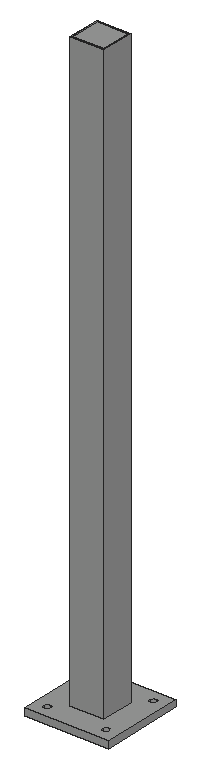
Revit family "ALTERNATING_VINYL_PLANK_PANEL_POST", category Specialty Equipment, Revit 2025
Family settings
  Round Connector Dimension = Use Diameter
  Part Type = Normal
  OmniClass Number = 23.55.00.00
  OmniClass Title = Manufactured Structures
  Work Plane-Based = Yes
  Enable Cutting in Views = No
  Always vertical = No
  Cut with Voids When Loaded = No
  Maintain Annotation Orientation = No
  Shared = No
  Room Calculation Point = No
Parameters (values of type "Assembly")
  Warranty URL = "https://palmshieldlouvers.com/wp-content/uploads/2020/01/PalmSHIELD-Warranty-NO-SIGN-LINE.pdf"
  Version = "2020 - v1.0a"  # constant formula
  URL = "https://palmshieldlouvers.com/"
  Product Page URL = "https://palmshieldlouvers.com/products/mercury-eco-semi-private/"
  Product Documentation Link = "https://palmshieldlouvers.com/wp-content/uploads/2022/01/Mercury-Economic-Alternating-Semi-Private.pdf"
  Post Position [instance] = 1
  Model = "Mercury Economic - Alternating - Semi Private"  # constant formula
  Material = Metal - PalmSHIELD - Dusty Grey
  Manufacturer Phone Number = "531-329-4406 "  # constant formula
  Manufacturer Email = "mailto: info@palmshieldlouvers.com"
  Manufacturer Address = "12330 Cary Circle, La Vista, NE 68128"  # constant formula
  Manufacturer = "PalmSHIELD"  # constant formula
  Keynote = "05 10 00"
  Instruction Sheet Link = "https://palmshieldlouvers.com/wp-content/uploads/2021/09/PalmSHIELD-Mercury-Series-Post-Panel-Gate-Installation-Instructions-2.docx"
  ID [instance] = "Not Assigned"
  Height [instance] = if(Desired Overall Height < C Min Height, C Min Height, if(Desired Overall Height > C Max Height, C Max Height, Desired Overall Height))  # 6' - 0"
  Desired Overall Height [instance] = 6' - 0"
  Description = "Mercury Economic - Alternating - Semi Private - Square Post"  # constant formula
  Default Elevation = 0' - 0"
  Copyright = "Copyright ©2024 The American Fence Company and PalmSHIELD. All Rights Reserved."  # constant formula
  Component Vis [instance] = yes
  Component Name [instance] = "Mercury Economic - Alternating - Semi Private - Square Post"  # constant formula
  C Post Width = 0' - 4"  # constant formula
  C Min Height [instance] = 3' - 4"  # constant formula
  C Max Height [instance] = 6' - 0"  # constant formula
  Assembly Code = "F1020100"
Reference planes (in)
  plane 1 "Center (Front/Back)": y = 0
  plane 2: z = 0
  plane 3 "Center (Left/Right)": x = 0
  plane 4: z = 72
  plane 5: y = 2
  plane 6: y = -2
  plane 7: x = 2
  plane 8: x = -2
Lines and regions (in)
  reference lines
    curve 1: line (-24.29961, 0, 72) -> (24.70039, 0, 72)
Dimensions and locks (in)
  "Desired Overall Height": curve 1 to plane 2
  "Height": plane 4 to plane 2
  equal spacing: plane 8, plane 3 "Center (Left/Right)", plane 7
  equal spacing: plane 5, plane 1 "Center (Front/Back)", plane 6
  "C Post Width": plane 5 to plane 6
  "C Post Width": plane 8 to plane 7
  aligned and locked: plane 2 to level
Automatic sketch dimensions
  curve 1 to plane 8 = 1' - 10.29961"
  curve 1 to plane 7 = 1' - 10.70039"
Nested families (in)
  nested 1: "Screening-Louver-Assembly-Post-Palmshield-Mercury-Economic-Alternating-Semi_Private-Aluminum" at (0, 0, 0), Desired Overall Height <- "Desired Overall Height", Overall Height <- "Height", ID <- "ID", Component Vis <- "Component Vis", Post Position <- "Post Position", visible <- "Component Vis", type "Assembly"
    with Post Position 1, Overall Height 6' - 0", ID "Not Assigned", Desired Overall Height 6' - 0", Component Vis (Single) yes, Component Vis (Double) no, Component Vis yes, Component Name "Mercury Economic Alternating Semi Private - Post Assembly", C Post Offset 0' - 0"
  nested 2: "Nested-Base_Plate-Palmshield-Mercury_Economic" at (0, 0, 0), type "10" x 10" x 3/4""
    with Material Metal - PalmSHIELD - Dusty Grey, ID "Not Assigned", Component Vis yes, Component Name "Mercury Economic - Aluminum - Base Plate"
  nested 3: "Nested-Square_Post-Aluminum-Palmshield-Mercury_Economic" at (0, 0, 0.75), type "4" X 4" X 1/8" SQ. TUBE"
    with Material Metal - PalmSHIELD - Dusty Grey, Length 5' - 11 1/4", ID "Not Assigned", Component Vis yes, Component Name "Mercury Economic - Aluminum - Square Post"
  nested 4: "Nested-Top_Cap-Palmshield-Mercury_Economic" at (0, 0, 72) x (1, 0, 0) z (0, 0, -1), type "3 3/4" x 3 3/4" x 1/8""
    with Material Metal - PalmSHIELD - Dusty Grey, ID "Not Assigned", Component Vis yes, Component Name "Mercury Economic - Aluminum - Square Top Cap"
Definition of nested family "Nested-Base_Plate-Palmshield-Mercury_Economic"
  Parameters (values of type "10" x 14" x 3/4"")
    Width = if(Constraints = 1, 0' 10", 1' 2")  # 1' - 2"
    Warranty URL = "https://palmshieldlouvers.com/wp-content/uploads/2020/01/PalmSHIELD-Warranty-NO-SIGN-LINE.pdf"
    Version = "2020 - v1.0a"  # constant formula
    URL = "https://palmshieldlouvers.com/"
    Thickness = 0' - 0 3/4"  # constant formula
    Product Page URL = "Contact Manufacturer for More Information"
    Product Documentation Link = "Contact Manufacturer for More Information"
    Model = "Mercury Economic"  # constant formula
    Material [instance] = none
    Manufacturer Phone Number = "531-329-4406 "  # constant formula
    Manufacturer Fax Number = "Consult Manufacturer Website for More Information"  # constant formula
    Manufacturer Email = "mailto: info@palmshieldlouvers.com"
    Manufacturer Address = "12330 Cary Circle, La Vista, NE 68128"  # constant formula
    Manufacturer = "PalmSHIELD"  # constant formula
    Keynote = "05 10 00"
    Instruction Sheet Link = "Contact Manufacturer for More Information"
    ID [instance] = ""
    Hole Diameter = 0' - 0 3/4"  # constant formula
    Height = 0' - 10"  # constant formula
    Description = "Mercury Economic - Base Plate"  # constant formula
    Default Elevation = 4' - 0"
    Copyright = "Copyright ©2024 The American Fence Company and PalmSHIELD. All Rights Reserved."  # constant formula
    Constraints = 2
    Component Vis [instance] = yes
    Component Name [instance] = "Mercury Economic - Aluminum - Base Plate"  # constant formula
    C Hole Offset = 0' - 1 1/2"  # constant formula
    Assembly Code = "F1020100"
  Types (2): name | Width | Constraints
    10" x 10" x 3/4" | 0' - 10" | 1
    10" x 14" x 3/4" | 1' - 2" | 2
  Reference planes (in)
    plane 1 "Center (Front/Back)": y = 0
    plane 2: z = 0
    plane 3 "Center (Left/Right)": x = 0
    plane 4: y = 5
    plane 5: x = 7
    plane 6: y = -5
    plane 7: x = -7
    plane 8: z = 0.75
  Forms (in)
    Extrusion 1, solid
      sketch origin (0, 0, 0) x (1, 0, 0) y (0, 1, 0)
        loop
          line (-48, 48) -> (-48, -48) -> (48, -48) -> (48, 48) -> (-48, 48)
      from 0 to -12
    Extrusion 2, solid, material <- "Material", visible <- "Component Vis"
      sketch origin (0, 0, 0) x (1, 0, 0) y (0, 1, 0)
        loop
          line (-7, 5) -> (-7, -5) -> (7, -5) -> (7, 5) -> (-7, 5)
        loop
          circle (-5.5, 3.5) r 0.375
        loop
          circle (5.5, 3.5) r 0.375
        loop
          circle (-5.5, -3.5) r 0.375
        loop
          circle (5.5, -3.5) r 0.375
      from 0 to 0.75
  Dimensions and locks (in)
    equal spacing: plane 7, plane 3 "Center (Left/Right)", plane 5
    equal spacing: plane 4, plane 1 "Center (Front/Back)", plane 6
    "Width": plane 7 to plane 5
    "Height": plane 4 to plane 6
    "C Hole Offset": plane 7 to Extrusion 2 sketch curve  (x2)
    "C Hole Offset": Extrusion 2 sketch curve to plane 5  (x2)
    "C Hole Offset": plane 4 to Extrusion 2 sketch curve  (x2)
    "C Hole Offset": plane 6 to Extrusion 2 sketch curve  (x2)
    "Thickness": plane 8 to plane 2
    "Width": Extrusion 2 to Extrusion 2
    "Hole Diameter": diameter of Extrusion 2 sketch curve  (x4)
    aligned and locked: plane 2 to Extrusion 1
    aligned and locked: level to Extrusion 1
    aligned and locked: Extrusion 2 sketch curve to plane 4
    aligned and locked: plane 7 to Extrusion 2 sketch curve
    aligned and locked: Extrusion 2 sketch curve to plane 6
    aligned and locked: Extrusion 2 sketch curve to plane 5
    aligned and locked: plane 8 to Extrusion 2
  Automatic sketch dimensions
    Extrusion 1 sketch curve to Extrusion 1 sketch curve = 8' - 0"  (x2)
Definition of nested family "Nested-Square_Post-Aluminum-Palmshield-Mercury_Economic"
  Parameters (values of type "4" X 4" X 1/8" SQ. TUBE")
    Width = 0' - 4"  # constant formula
    Warranty URL = "https://palmshieldlouvers.com/wp-content/uploads/2020/01/PalmSHIELD-Warranty-NO-SIGN-LINE.pdf"
    Version = "2020 - v1.0a"  # constant formula
    URL = "https://palmshieldlouvers.com/"
    Thickness = 0' - 0 1/8"  # constant formula
    Product Page URL = "Contact Manufacturer for More Information"
    Product Documentation Link = "Contact Manufacturer for More Information"
    Model = "Mercury Economic"  # constant formula
    Material [instance] = none
    Manufacturer Phone Number = "531-329-4406 "  # constant formula
    Manufacturer Fax Number = "Consult Manufacturer Website for More Information"  # constant formula
    Manufacturer Email = "mailto: info@palmshieldlouvers.com"
    Manufacturer Address = "12330 Cary Circle, La Vista, NE 68128"  # constant formula
    Manufacturer = "PalmSHIELD"  # constant formula
    Length [instance] = 4' - 4.86713"
    Keynote = "05 10 00"
    Instruction Sheet Link = "Contact Manufacturer for More Information"
    ID [instance] = ""
    Description = "Mercury Economic - Post"  # constant formula
    Default Elevation = 4' - 0"
    Copyright = "Copyright ©2024 The American Fence Company and PalmSHIELD. All Rights Reserved."  # constant formula
    Component Vis [instance] = yes
    Component Name [instance] = "Mercury Economic - Aluminum - Square Post"  # constant formula
    Assembly Code = "F1020100"
  Reference planes (in)
    plane 1 "Center (Front/Back)": y = 0
    plane 2: z = 0
    plane 3 "Center (Left/Right)": x = 0
    plane 4: z = 52.86713
    plane 5: x = 2
    plane 6: x = -2
  Forms (in)
    Extrusion 1, solid
      sketch origin (0, 0, 0) x (1, 0, 0) y (0, 1, 0)
        loop
          line (-48, 48) -> (-48, -48) -> (48, -48) -> (48, 48) -> (-48, 48)
      from 0 to -12
    Sweep 2, solid, material <- "Material", visible <- "Component Vis"
      path origin (0, 0, 0) x (0, 1, 0) y (0, 0, 1)
        loop
          line (0, 0) -> (0, 52.86713)
      profile "Profile-Palmshield-Square : 4" X 4" X 1/8" SQ. TUBE" origin (0, 0, 26.43357) x (0, -1, 0) y (1, 0, 0)
        loop
          line (1.875, 1.875) -> (-1.875, 1.875) -> (-1.875, -1.875) -> (1.875, -1.875) -> (1.875, 1.875)
        loop
          line (-2, -2) -> (2, -2) -> (2, 2) -> (-2, 2) -> (-2, -2)
  Dimensions and locks (in)
    "Length": plane 4 to plane 2
    equal spacing: plane 5, plane 3 "Center (Left/Right)", plane 6
    "Width": plane 5 to plane 6
    aligned and locked: plane 2 to Extrusion 1
    aligned and locked: level to Extrusion 1
    aligned and locked: plane 1 "Center (Front/Back)" to Sweep 2 sketch curve
    aligned and locked: plane 4 to Sweep 2 sketch curve
  Automatic sketch dimensions
    Extrusion 1 sketch curve to Extrusion 1 sketch curve = 8' - 0"  (x2)
    Sweep 2 sketch curve to level = 0' - 0"
Definition of nested family "Nested-Top_Cap-Palmshield-Mercury_Economic"
  Parameters (values of type "3 3/4" x 3 3/4" x 1/8"")
    Width = 0' 4" - 2 * Thickness  # 0' - 3 3/4"
    Warranty URL = "https://palmshieldlouvers.com/wp-content/uploads/2020/01/PalmSHIELD-Warranty-NO-SIGN-LINE.pdf"
    Version = "2020 - v1.0a"  # constant formula
    URL = "https://palmshieldlouvers.com/"
    Thickness = 0' - 0 1/8"  # constant formula
    Product Page URL = "Contact Manufacturer for More Information"
    Product Documentation Link = "Contact Manufacturer for More Information"
    Model = "Mercury Economic"  # constant formula
    Material [instance] = none
    Manufacturer Phone Number = "531-329-4406 "  # constant formula
    Manufacturer Fax Number = "Consult Manufacturer Website for More Information"  # constant formula
    Manufacturer Email = "mailto: info@palmshieldlouvers.com"
    Manufacturer Address = "12330 Cary Circle, La Vista, NE 68128"  # constant formula
    Manufacturer = "PalmSHIELD"  # constant formula
    Keynote = "05 10 00"
    Instruction Sheet Link = "Contact Manufacturer for More Information"
    ID [instance] = ""
    Description = "Mercury Economic - Top Cap"  # constant formula
    Default Elevation = 4' - 0"
    Copyright = "Copyright ©2024 The American Fence Company and PalmSHIELD. All Rights Reserved."  # constant formula
    Component Vis [instance] = yes
    Component Name [instance] = "Mercury Economic - Aluminum - Square Top Cap"  # constant formula
    Assembly Code = "F1020100"
  Reference planes (in)
    plane 1 "Center (Front/Back)": y = 0
    plane 2: z = 0
    plane 3 "Center (Left/Right)": x = 0
    plane 4: y = 1.875
    plane 5: x = 1.875
    plane 6: y = -1.875
    plane 7: x = -1.875
    plane 8: z = 0.125
  Forms (in)
    Extrusion 1, solid
      sketch origin (0, 0, 0) x (1, 0, 0) y (0, 1, 0)
        loop
          line (-48, 48) -> (-48, -48) -> (48, -48) -> (48, 48) -> (-48, 48)
      from 0 to -12
    Extrusion 2, solid, material <- "Material", visible <- "Component Vis"
      sketch origin (0, 0, 0) x (1, 0, 0) y (0, 1, 0)
        loop
          line (-1.875, 1.875) -> (-1.875, -1.875) -> (1.875, -1.875) -> (1.875, 1.875) -> (-1.875, 1.875)
      from 0 to 0.125
  Dimensions and locks (in)
    equal spacing: plane 7, plane 3 "Center (Left/Right)", plane 5
    equal spacing: plane 4, plane 1 "Center (Front/Back)", plane 6
    "Width": plane 7 to plane 5
    "Width": plane 4 to plane 6
    "Thickness": plane 8 to plane 2
    aligned and locked: plane 2 to Extrusion 1
    aligned and locked: level to Extrusion 1
    aligned and locked: Extrusion 2 sketch curve to plane 4
    aligned and locked: plane 7 to Extrusion 2 sketch curve
    aligned and locked: Extrusion 2 sketch curve to plane 6
    aligned and locked: Extrusion 2 sketch curve to plane 5
    aligned and locked: plane 8 to Extrusion 2
  Automatic sketch dimensions
    Extrusion 1 sketch curve to Extrusion 1 sketch curve = 8' - 0"  (x2)
Definition of nested family "Screening-Louver-Assembly-Post-Palmshield-Mercury-Economic-Alternating-Semi_Private-Aluminum"
  Parameters (values of type "Assembly")
    Width = 0' - 4"  # constant formula
    Warranty URL = "https://palmshieldlouvers.com/wp-content/uploads/2020/01/PalmSHIELD-Warranty-NO-SIGN-LINE.pdf"
    Version = "2020 - v1.0a"  # constant formula
    URL = "https://palmshieldlouvers.com/"
    Top Cap Thickness = 0' - 0 1/8"  # constant formula
    Product Page URL = "https://palmshieldlouvers.com/products/louvers/"
    Product Documentation Link = "https://palmshieldlouvers.com/wp-content/uploads/2022/01/Mercury-Economic-Alternating-Semi-Private.pdf"
    Post Position [instance] = 3
    Overall Height [instance] = if(Desired Overall Height < 3' 0", 3' 0", if(Desired Overall Height > 12' 0", 12' 0", Desired Overall Height))  # 6' - 0"
    Model = "Mercury Economic Alternating Semi Private"  # constant formula
    Material = none
    Manufacturer Phone Number = "531-329-4406 "  # constant formula
    Manufacturer Fax Number = "Consult Manufacturer Website for More Information"  # constant formula
    Manufacturer Email = "mailto: info@palmshieldlouvers.com"
    Manufacturer Address = "12330 Cary Circle, La Vista, NE 68128"  # constant formula
    Manufacturer = "PalmSHIELD"  # constant formula
    Keynote = "05 10 00"
    Instruction Sheet Link = "https://palmshieldlouvers.com/wp-content/uploads/2021/09/PalmSHIELD-Mercury-Series-Post-Panel-Gate-Installation-Instructions-2.docx"
    ID [instance] = "Not Assigned"
    Desired Overall Height [instance] = 6' - 0"
    Description = "Mercury Economic Alternating Semi Private - Post Assembly"  # constant formula
    Default Elevation = 4' - 0"
    Copyright = "Copyright ©2024 The American Fence Company and PalmSHIELD. All Rights Reserved."  # constant formula
    Component Vis (Single) [instance] = and(Component Vis, or(Post Position = 1, Post Position = 3))  # yes
    Component Vis (Double) [instance] = and(Component Vis, Post Position = 2)  # no
    Component Vis [instance] = yes
    Component Name [instance] = "Mercury Economic Alternating Semi Private - Post Assembly"  # constant formula
    C Post Offset [instance] = if(Post Position = 3, 0' 2 1/2", 0' 0")  # 0' - 2 1/2"
    C Panel Offset from Ground = 0' - 2"  # constant formula
    Base Plate Thickness = 0' - 0 3/4"  # constant formula
    Assembly Code = "F1020100"
  Reference planes (in)
    plane 1 "Center (Front/Back)": y = 0
    plane 2: z = 0
    plane 3 "Center (Left/Right)": x = 0
    plane 4: x = 2
    plane 5: x = -2
    plane 6: z = 72
    plane 7: z = 2
  Forms (in)
    Extrusion 1, solid
      sketch origin (0, 0, 0) x (1, 0, 0) y (0, 1, 0)
        loop
          line (-48, 48) -> (-48, -48) -> (48, -48) -> (48, 48) -> (-48, 48)
      from 0 to -12
  Lines and regions (in)
    reference lines
      curve 1: line (-64.16684, 0, 72) -> (79.83316, 0, 72)
  Dimensions and locks (in)
    equal spacing: plane 4, plane 3 "Center (Left/Right)", plane 5
    "Width": plane 4 to plane 5
    "C Panel Offset from Ground": plane 7 to plane 2
    "C Post Offset": plane 3 "Center (Left/Right)" to nested 2
    "C Post Offset": plane 3 "Center (Left/Right)" to nested 3
    "Desired Overall Height": curve 1 to plane 2
    "Overall Height": plane 6 to plane 2
    aligned and locked: plane 2 to Extrusion 1
    aligned and locked: level to Extrusion 1
    aligned and locked: plane 1 "Center (Front/Back)" to nested 1
    aligned and locked: plane 1 "Center (Front/Back)" to nested 3
    aligned and locked: plane 6 to nested 2
    aligned and locked: plane 1 "Center (Front/Back)" to nested 4
    aligned and locked: plane 6 to nested 5
    aligned and locked: plane 6 to nested 6
    aligned and locked: plane 3 "Center (Left/Right)" to nested 5
    aligned and locked: nested 6 to plane 3 "Center (Left/Right)"
    aligned and locked: nested 7 to nested 5
    aligned and locked: plane 4 to nested 8
    aligned and locked: plane 3 "Center (Left/Right)" to nested 4
    aligned and locked: plane 3 "Center (Left/Right)" to nested 1
  Automatic sketch dimensions
    Extrusion 1 sketch curve to Extrusion 1 sketch curve = 8' - 0"  (x2)
    curve 1 to plane 5 = 5' - 2.16684"
    plane 4 to curve 1 = 6' - 5.83316"
  Nested families (in)
    nested 1: "Nested-Base_Plate-Palmshield-Mercury_Economic" at (0, 0, 0), ID <- "ID", Material <- "Material", visible <- "Component Vis (Single)", Component Vis <- "Component Vis (Single)", type "10" x 10" x 3/4""
      with Material none, ID "Not Assigned", Component Vis yes, Component Name "Mercury Economic - Aluminum - Base Plate"
    nested 2: "Nested-Square_Post-Aluminum-Palmshield-Mercury_Economic" at (2.5, 0, 0.75), ID <- "ID", Material <- "Material", visible <- "Component Vis (Single)", Component Vis <- "Component Vis (Single)", type "4" X 4" X 1/8" SQ. TUBE"
      with Material none, Length 5' - 11 1/4", ID "Not Assigned", Component Vis yes, Component Name "Mercury Economic - Aluminum - Square Post"
    nested 3: "Nested-Top_Cap-Palmshield-Mercury_Economic" at (2.5, 0, 72) x (1, 0, 0) z (0, 0, -1), ID <- "ID", Material <- "Material", visible <- "Component Vis (Single)", Component Vis <- "Component Vis (Single)", type "3 3/4" x 3 3/4" x 1/8""
      with Material none, ID "Not Assigned", Component Vis yes, Component Name "Mercury Economic - Aluminum - Square Top Cap"
    nested 4: "Nested-Base_Plate-Palmshield-Mercury_Economic" at (0, 0, 0), ID <- "ID", Material <- "Material", visible <- "Component Vis (Double)", Component Vis <- "Component Vis (Double)", type "10" x 14" x 3/4""
      with Material none, ID "Not Assigned", Component Vis no, Component Name "Mercury Economic - Aluminum - Base Plate"
    nested 5: "Nested-Square_Post-Aluminum-Palmshield-Mercury_Economic" at (-2, 0, 0.75), ID <- "ID", Material <- "Material", visible <- "Component Vis (Double)", Component Vis <- "Component Vis (Double)", type "4" X 4" X 1/8" SQ. TUBE"
      with Material none, Length 5' - 11 1/4", ID "Not Assigned", Component Vis no, Component Name "Mercury Economic - Aluminum - Square Post"
    nested 6: "Nested-Square_Post-Aluminum-Palmshield-Mercury_Economic" at (2, 0, 0.75), ID <- "ID", Material <- "Material", visible <- "Component Vis (Double)", Component Vis <- "Component Vis (Double)", type "4" X 4" X 1/8" SQ. TUBE"
      with Material none, Length 5' - 11 1/4", ID "Not Assigned", Component Vis no, Component Name "Mercury Economic - Aluminum - Square Post"
    nested 7: "Nested-Top_Cap-Palmshield-Mercury_Economic" at (-2, 0, 72) x (1, 0, 0) z (0, 0, -1), ID <- "ID", Material <- "Material", visible <- "Component Vis (Double)", Component Vis <- "Component Vis (Double)", type "3 3/4" x 3 3/4" x 1/8""
      with Material none, ID "Not Assigned", Component Vis no, Component Name "Mercury Economic - Aluminum - Square Top Cap"
    nested 8: "Nested-Top_Cap-Palmshield-Mercury_Economic" at (2, 0, 72) x (1, 0, 0) z (0, 0, -1), ID <- "ID", Material <- "Material", visible <- "Component Vis (Double)", Component Vis <- "Component Vis (Double)", type "3 3/4" x 3 3/4" x 1/8""
      with Material none, ID "Not Assigned", Component Vis no, Component Name "Mercury Economic - Aluminum - Square Top Cap"
  Definition of nested family "Nested-Base_Plate-Palmshield-Mercury_Economic"
    Parameters (values of type "10" x 14" x 3/4"")
      Width = if(Constraints = 1, 0' 10", 1' 2")  # 1' - 2"
      Warranty URL = "https://palmshieldlouvers.com/wp-content/uploads/2020/01/PalmSHIELD-Warranty-NO-SIGN-LINE.pdf"
      Version = "2020 - v1.0a"  # constant formula
      URL = "https://palmshieldlouvers.com/"
      Thickness = 0' - 0 3/4"  # constant formula
      Product Page URL = "Contact Manufacturer for More Information"
      Product Documentation Link = "Contact Manufacturer for More Information"
      Model = "Mercury Economic"  # constant formula
      Material [instance] = none
      Manufacturer Phone Number = "531-329-4406 "  # constant formula
      Manufacturer Fax Number = "Consult Manufacturer Website for More Information"  # constant formula
      Manufacturer Email = "mailto: info@palmshieldlouvers.com"
      Manufacturer Address = "12330 Cary Circle, La Vista, NE 68128"  # constant formula
      Manufacturer = "PalmSHIELD"  # constant formula
      Keynote = "05 10 00"
      Instruction Sheet Link = "Contact Manufacturer for More Information"
      ID [instance] = ""
      Hole Diameter = 0' - 0 3/4"  # constant formula
      Height = 0' - 10"  # constant formula
      Description = "Mercury Economic - Base Plate"  # constant formula
      Default Elevation = 4' - 0"
      Copyright = "Copyright ©2024 The American Fence Company and PalmSHIELD. All Rights Reserved."  # constant formula
      Constraints = 2
      Component Vis [instance] = yes
      Component Name [instance] = "Mercury Economic - Aluminum - Base Plate"  # constant formula
      C Hole Offset = 0' - 1 1/2"  # constant formula
      Assembly Code = "F1020100"
    Types (2): name | Width | Constraints
      10" x 10" x 3/4" | 0' - 10" | 1
      10" x 14" x 3/4" | 1' - 2" | 2
    Reference planes (in)
      plane 1 "Center (Front/Back)": y = 0
      plane 2: z = 0
      plane 3 "Center (Left/Right)": x = 0
      plane 4: y = 5
      plane 5: x = 7
      plane 6: y = -5
      plane 7: x = -7
      plane 8: z = 0.75
    Forms (in)
      Extrusion 1, solid
        sketch origin (0, 0, 0) x (1, 0, 0) y (0, 1, 0)
          loop
            line (-48, 48) -> (-48, -48) -> (48, -48) -> (48, 48) -> (-48, 48)
        from 0 to -12
      Extrusion 2, solid, material <- "Material", visible <- "Component Vis"
        sketch origin (0, 0, 0) x (1, 0, 0) y (0, 1, 0)
          loop
            line (-7, 5) -> (-7, -5) -> (7, -5) -> (7, 5) -> (-7, 5)
          loop
            circle (-5.5, 3.5) r 0.375
          loop
            circle (5.5, 3.5) r 0.375
          loop
            circle (-5.5, -3.5) r 0.375
          loop
            circle (5.5, -3.5) r 0.375
        from 0 to 0.75
    Dimensions and locks (in)
      equal spacing: plane 7, plane 3 "Center (Left/Right)", plane 5
      equal spacing: plane 4, plane 1 "Center (Front/Back)", plane 6
      "Width": plane 7 to plane 5
      "Height": plane 4 to plane 6
      "C Hole Offset": plane 7 to Extrusion 2 sketch curve  (x2)
      "C Hole Offset": Extrusion 2 sketch curve to plane 5  (x2)
      "C Hole Offset": plane 4 to Extrusion 2 sketch curve  (x2)
      "C Hole Offset": plane 6 to Extrusion 2 sketch curve  (x2)
      "Thickness": plane 8 to plane 2
      "Width": Extrusion 2 to Extrusion 2
      "Hole Diameter": diameter of Extrusion 2 sketch curve  (x4)
      aligned and locked: plane 2 to Extrusion 1
      aligned and locked: level to Extrusion 1
      aligned and locked: Extrusion 2 sketch curve to plane 4
      aligned and locked: plane 7 to Extrusion 2 sketch curve
      aligned and locked: Extrusion 2 sketch curve to plane 6
      aligned and locked: Extrusion 2 sketch curve to plane 5
      aligned and locked: plane 8 to Extrusion 2
    Automatic sketch dimensions
      Extrusion 1 sketch curve to Extrusion 1 sketch curve = 8' - 0"  (x2)
  Definition of nested family "Nested-Square_Post-Aluminum-Palmshield-Mercury_Economic"
    Parameters (values of type "4" X 4" X 1/8" SQ. TUBE")
      Width = 0' - 4"  # constant formula
      Warranty URL = "https://palmshieldlouvers.com/wp-content/uploads/2020/01/PalmSHIELD-Warranty-NO-SIGN-LINE.pdf"
      Version = "2020 - v1.0a"  # constant formula
      URL = "https://palmshieldlouvers.com/"
      Thickness = 0' - 0 1/8"  # constant formula
      Product Page URL = "Contact Manufacturer for More Information"
      Product Documentation Link = "Contact Manufacturer for More Information"
      Model = "Mercury Economic"  # constant formula
      Material [instance] = none
      Manufacturer Phone Number = "531-329-4406 "  # constant formula
      Manufacturer Fax Number = "Consult Manufacturer Website for More Information"  # constant formula
      Manufacturer Email = "mailto: info@palmshieldlouvers.com"
      Manufacturer Address = "12330 Cary Circle, La Vista, NE 68128"  # constant formula
      Manufacturer = "PalmSHIELD"  # constant formula
      Length [instance] = 4' - 4.86713"
      Keynote = "05 10 00"
      Instruction Sheet Link = "Contact Manufacturer for More Information"
      ID [instance] = ""
      Description = "Mercury Economic - Post"  # constant formula
      Default Elevation = 4' - 0"
      Copyright = "Copyright ©2024 The American Fence Company and PalmSHIELD. All Rights Reserved."  # constant formula
      Component Vis [instance] = yes
      Component Name [instance] = "Mercury Economic - Aluminum - Square Post"  # constant formula
      Assembly Code = "F1020100"
    Reference planes (in)
      plane 1 "Center (Front/Back)": y = 0
      plane 2: z = 0
      plane 3 "Center (Left/Right)": x = 0
      plane 4: z = 52.86713
      plane 5: x = 2
      plane 6: x = -2
    Forms (in)
      Extrusion 1, solid
        sketch origin (0, 0, 0) x (1, 0, 0) y (0, 1, 0)
          loop
            line (-48, 48) -> (-48, -48) -> (48, -48) -> (48, 48) -> (-48, 48)
        from 0 to -12
      Sweep 2, solid, material <- "Material", visible <- "Component Vis"
        path origin (0, 0, 0) x (0, 1, 0) y (0, 0, 1)
          loop
            line (0, 0) -> (0, 52.86713)
        profile "Profile-Palmshield-Square : 4" X 4" X 1/8" SQ. TUBE" origin (0, 0, 26.43357) x (0, -1, 0) y (1, 0, 0)
          loop
            line (1.875, 1.875) -> (-1.875, 1.875) -> (-1.875, -1.875) -> (1.875, -1.875) -> (1.875, 1.875)
          loop
            line (-2, -2) -> (2, -2) -> (2, 2) -> (-2, 2) -> (-2, -2)
    Dimensions and locks (in)
      "Length": plane 4 to plane 2
      equal spacing: plane 5, plane 3 "Center (Left/Right)", plane 6
      "Width": plane 5 to plane 6
      aligned and locked: plane 2 to Extrusion 1
      aligned and locked: level to Extrusion 1
      aligned and locked: plane 1 "Center (Front/Back)" to Sweep 2 sketch curve
      aligned and locked: plane 4 to Sweep 2 sketch curve
    Automatic sketch dimensions
      Extrusion 1 sketch curve to Extrusion 1 sketch curve = 8' - 0"  (x2)
      Sweep 2 sketch curve to level = 0' - 0"
  Definition of nested family "Nested-Top_Cap-Palmshield-Mercury_Economic"
    Parameters (values of type "3 3/4" x 3 3/4" x 1/8"")
      Width = 0' 4" - 2 * Thickness  # 0' - 3 3/4"
      Warranty URL = "https://palmshieldlouvers.com/wp-content/uploads/2020/01/PalmSHIELD-Warranty-NO-SIGN-LINE.pdf"
      Version = "2020 - v1.0a"  # constant formula
      URL = "https://palmshieldlouvers.com/"
      Thickness = 0' - 0 1/8"  # constant formula
      Product Page URL = "Contact Manufacturer for More Information"
      Product Documentation Link = "Contact Manufacturer for More Information"
      Model = "Mercury Economic"  # constant formula
      Material [instance] = none
      Manufacturer Phone Number = "531-329-4406 "  # constant formula
      Manufacturer Fax Number = "Consult Manufacturer Website for More Information"  # constant formula
      Manufacturer Email = "mailto: info@palmshieldlouvers.com"
      Manufacturer Address = "12330 Cary Circle, La Vista, NE 68128"  # constant formula
      Manufacturer = "PalmSHIELD"  # constant formula
      Keynote = "05 10 00"
      Instruction Sheet Link = "Contact Manufacturer for More Information"
      ID [instance] = ""
      Description = "Mercury Economic - Top Cap"  # constant formula
      Default Elevation = 4' - 0"
      Copyright = "Copyright ©2024 The American Fence Company and PalmSHIELD. All Rights Reserved."  # constant formula
      Component Vis [instance] = yes
      Component Name [instance] = "Mercury Economic - Aluminum - Square Top Cap"  # constant formula
      Assembly Code = "F1020100"
    Reference planes (in)
      plane 1 "Center (Front/Back)": y = 0
      plane 2: z = 0
      plane 3 "Center (Left/Right)": x = 0
      plane 4: y = 1.875
      plane 5: x = 1.875
      plane 6: y = -1.875
      plane 7: x = -1.875
      plane 8: z = 0.125
    Forms (in)
      Extrusion 1, solid
        sketch origin (0, 0, 0) x (1, 0, 0) y (0, 1, 0)
          loop
            line (-48, 48) -> (-48, -48) -> (48, -48) -> (48, 48) -> (-48, 48)
        from 0 to -12
      Extrusion 2, solid, material <- "Material", visible <- "Component Vis"
        sketch origin (0, 0, 0) x (1, 0, 0) y (0, 1, 0)
          loop
            line (-1.875, 1.875) -> (-1.875, -1.875) -> (1.875, -1.875) -> (1.875, 1.875) -> (-1.875, 1.875)
        from 0 to 0.125
    Dimensions and locks (in)
      equal spacing: plane 7, plane 3 "Center (Left/Right)", plane 5
      equal spacing: plane 4, plane 1 "Center (Front/Back)", plane 6
      "Width": plane 7 to plane 5
      "Width": plane 4 to plane 6
      "Thickness": plane 8 to plane 2
      aligned and locked: plane 2 to Extrusion 1
      aligned and locked: level to Extrusion 1
      aligned and locked: Extrusion 2 sketch curve to plane 4
      aligned and locked: plane 7 to Extrusion 2 sketch curve
      aligned and locked: Extrusion 2 sketch curve to plane 6
      aligned and locked: Extrusion 2 sketch curve to plane 5
      aligned and locked: plane 8 to Extrusion 2
    Automatic sketch dimensions
      Extrusion 1 sketch curve to Extrusion 1 sketch curve = 8' - 0"  (x2)
